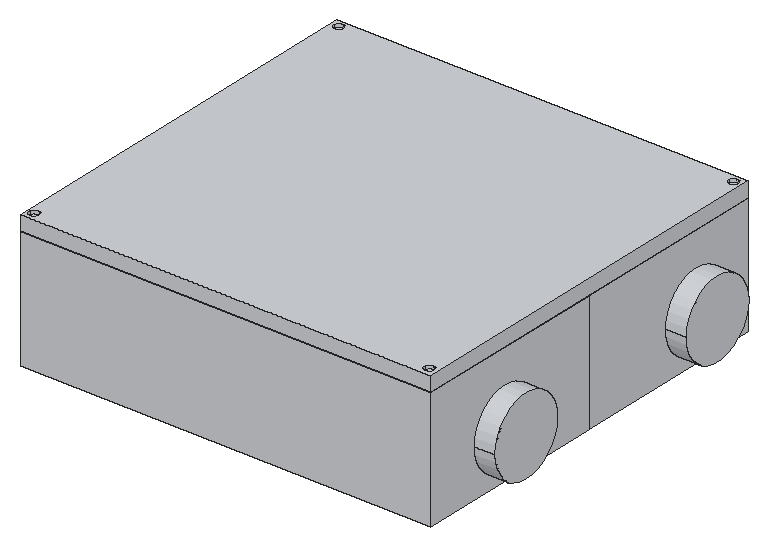
Revit family "Entro DV300", category Mechanical Equipment, Revit 2013
Parameters (values of type "DV300 Entro")
  Width mm = 850 mm
  Warranty = "2 years"
  Voltage Supply      Single Phase = "220-240v AC"
  Summer/Winter by-pass = "Yes"
  Summer by-pass = "Automatic 100%"
  SAP Appendix Q Eligible = "Yes"
  Pre Heater = "Optional 400/700/1700 W"
  Passive House Certified = "Yes"
  Part Number = "90000398"
  Model = "DV300 Entro"
  Meets Building Regulations Approved Document F 2010 = "Yes"
  Max Air Volume  m3/hr = "350"
  Kitchen + 5 wet rooms = "0.99 W/l/s"
  Kitchen + 4 wet rooms = "0.84 W/l/s"
  Kitchen + 3 wet rooms = "0.70 W/l/s"
  Kitchen + 2 wet rooms = "0.62 W/l/s"
  Kitchen + 1 wet rooms = "0.58 W/l/s"
  IP Rating = "IP20"
  Humidity control (optional) = "Yes"
  Height mm = 660 mm
  Heat Recovery = "<95%"
  Heat Exchanger = "Counterflow"
  Frequency = "50Hz"
  Flow [instance] = 0.0 L/s
  Filter maintenance reminder = "Optional"
  Electronic control panel with LCD display = "Optional"
  EC motor for fine speed control and low SFP = "Yes"
  Duct Connections = "4 x 160mm dia"
  Depth mm = 280 mm
  Control Standard = "Manual Speed"
  Control Optional = "CO2,Humidity,Digital"
  Condensate pipe dia = 14 mm
  Carbon dioxide control (optional) = "Yes"
  Anti frost protection = "Included"
  Air Volume m3/hr@ Pa = "300@100Pa\r\n175@100Pa"
  Air Filters = "2 x G4 or 2 x F7 (optional)"
  After Heater = "Optional 400/700/1700 W"
Reference planes
  plane 1 "Center (Front/Back)": y = 0
  plane 2: z = 0
  plane 3 "Center (Left/Right)": x = 0
  plane 4: y = 410
  plane 5: y = -410
  plane 6: x = -425
  plane 7: x = 425
  plane 8: z = 280
  plane 9: z = 100
  plane 10: x = -470
  plane 11: x = 470
  plane 12: z = 250
  plane 13: z = 247
  plane 14: y = 200
  plane 15: y = -220
  plane 16: y = 275
Forms (mm)
  Extrusion 1, solid
    sketch origin (0, -80, 0) x (1, 0, 0) y (0, 1, 0)
      loop
        line (-425, 490) -> (-425, -330) -> (425, -330) -> (425, 490) -> (-425, 490)
    from 0 to 280
  Extrusion 2, solid
    sketch origin (-425, 150, 0) x (0, 1, 0) y (0, 0, -1)
      loop
        circle (50, -100) r 80
    from 0 to 45
  Extrusion 3, solid
    sketch origin (-425, 150, 0) x (0, 1, 0) y (0, 0, -1)
      loop
        circle (-370, -100) r 80
    from 0 to 45
  Extrusion 4, solid
    sketch origin (425, 250, 0) x (0, -1, 0) y (0, 0, -1)
      loop
        circle (-25, -100) r 80
    from 0 to 45
  Extrusion 5, solid
    sketch origin (425, 250, 0) x (0, -1, 0) y (0, 0, -1)
      loop
        circle (470, -100) r 80
    from 0 to 45
  Extrusion 6, void
    sketch origin (0, -80, 280) x (0, 1, 0) y (1, 0, 0)
      loop
        circle (474, 409) r 10
      loop
        circle (474, -409) r 10
      loop
        circle (-314, 409) r 10
      loop
        circle (-314, -409) r 10
    from 0 to 5
  Extrusion 7, void
    sketch origin (425, -410, 0) x (1, 0, 0) y (0, 0, -1)
      loop
        line (0, -250) -> (0, -247) -> (-850, -247) -> (-850, -250) -> (0, -250)
    from 0 to 3
  Extrusion 8, void
    sketch origin (425, 250, 0) x (0, 1, 0) y (0, 0, -1)
      loop
        line (160, -250) -> (160, -247) -> (-660, -247) -> (-660, -250) -> (160, -250)
    from 0 to 3
  Extrusion 9, void
    sketch origin (-425, 410, 0) x (-1, 0, 0) y (0, 0, -1)
      loop
        line (-850, -250) -> (0, -250) -> (0, -247) -> (-850, -247) -> (-850, -250)
    from 0 to 3
  Extrusion 10, void
    sketch origin (-425, 150, 0) x (0, -1, 0) y (0, 0, -1)
      loop
        line (-260, -250) -> (560, -250) -> (560, -247) -> (-260, -247) -> (-260, -250)
    from 0 to 3
  Extrusion 11, void
    sketch origin (-425, 150, 0) x (0, -1, 0) y (0, 0, -1)
      loop
        line (151.5, -247) -> (151.5, 0) -> (148.5, 0) -> (148.5, -247) -> (151.5, -247)
    from 0 to 3
  Extrusion 12, void
    sketch origin (425, 150, 0) x (0, -1, 0) y (0, 0, 1)
      loop
        line (151.5, 247) -> (148.5, 247) -> (148.5, 0) -> (151.5, 0) -> (151.5, 247)
    from 0 to 3
Cuts and joins
  Extrusion 6, Extrusion 7, Extrusion 8, Extrusion 9, Extrusion 10, Extrusion 11, Extrusion 12 cuts Extrusion 1
Dimensions and locks
  plane 6 to plane 7 = 850 mm
  plane 7 to plane 6 = 850 mm
  plane 9 to level = 100 mm  (x2)
  plane 8 to level = 280 mm  (x2)
  plane 4 to plane 5 = 820 mm
  plane 15 to plane 5 = 190 mm
  plane 4 to plane 14 = 210 mm
  plane 10 to Extrusion 1 = 45 mm
  plane 16 to plane 4 = 135 mm
Connectors
  hvac at (-470, 200, 100)
    settings: on Extrusion 2, index 1, duct flow 0.0 L/s, flow factor 0, pres drop 0.0 Pa, loss coef 0, conn angle 0.00°, conn width 304.8 mm, conn height 304.8 mm, conn radius 80 mm, duct sys type 1, conn prof type 0, flow config 0, flow direction 2, loss method 0, conn ref index -1, conn util no, is conn primary yes, conn desc ""
  hvac at (-470, -220, 100)
    settings: on Extrusion 3, index 2, duct flow 0.0 L/s, flow factor 0, pres drop 0.0 Pa, loss coef 0, conn angle 0.00°, conn width 304.8 mm, conn height 304.8 mm, conn radius 80 mm, duct sys type 2, conn prof type 0, flow config 0, flow direction 1, loss method 0, conn ref index -1, conn util no, is conn primary no, conn desc ""
  hvac at (470, -220, 100)
    settings: on Extrusion 5, index 3, duct flow 0.0 L/s, flow factor 0, pres drop 0.0 Pa, loss coef 0, conn angle 0.00°, conn width 304.8 mm, conn height 304.8 mm, conn radius 80 mm, duct sys type 1, conn prof type 0, flow config 0, flow direction 1, loss method 0, conn ref index -1, conn util no, is conn primary no, conn desc ""
  hvac at (470, 275, 100)
    settings: on Extrusion 4, index 4, duct flow 0.0 L/s, flow factor 0, pres drop 0.0 Pa, loss coef 0, conn angle 0.00°, conn width 304.8 mm, conn height 304.8 mm, conn radius 80 mm, duct sys type 3, conn prof type 0, flow config 0, flow direction 2, loss method 0, conn ref index -1, conn util no, is conn primary no, conn desc ""
